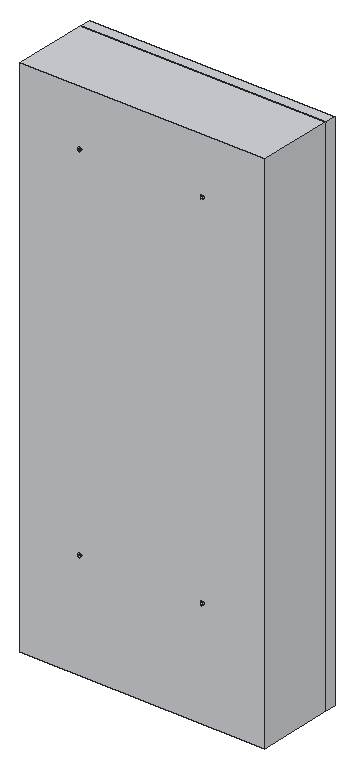
Revit family "AX8943_0007", category Appareils sanitaires, Revit 2016
Family settings
  Hôte = Mur
  Type d'élément = Normal
  Cote de connecteur circulaire = Utiliser le diamètre
  Numéro OmniClass = 23.75.00.00
  Titre OmniClass = Climate Control (HVAC)
  Toujours verticalement = Oui
  Couper avec des vides une fois chargée = Non
  Partagée = Non
  Point de calcul de pièce = Non
Parameters (values of type "Type 1")
  URL = "https://www.axeuro.com/fr/home/25521-poubelle-murale-ax8943.html?search_query=AX8943&results=2"
  Modèle = "AX8943"  # constant formula
  Matériaux = "En inox 304 (18/10)"  # constant formula
  Finition = "Brossé Poli Satiné HyperPolish"  # constant formula
  Fabricant = "Axeuro"  # constant formula
  Description = "Poubelle murale"  # constant formula
Reference planes
  plane 1 "Mur": y = 0
  plane 2 "Centre (gauche/droite)": x = 0
  plane 3 "Arrière": y = 75
Forms (mm)
  Extrusion 1, solid
    sketch origin (-85, 2.969, 0) x (0, 1, 0) y (0, 0, 1)
      loop
        line (174.031, 1739.299) -> (174.031, 1028.291) -> (189.031, 1028.291) -> (189.031, 1739.299) -> (174.031, 1739.299)
    from -80 to 250
  Extrusion 2, void
    sketch origin (552.568, 77.969, 153.664) x (1, 0, 0) y (0, 0, 1)
      loop
        line (-434.68, 1545.635) -> (-670.457, 1545.635)
        arc (-670.457, 1545.635) -> (-675.486, 1543.552) -> (-677.568, 1538.524) r 7.111
        line (-677.568, 1538.524) -> (-677.568, 1432.747)
        arc (-677.568, 1432.747) -> (-675.486, 1427.718) -> (-670.457, 1425.635) r 7.111
        line (-670.457, 1425.635) -> (-434.68, 1425.635)
        arc (-434.68, 1425.635) -> (-429.651, 1427.718) -> (-427.568, 1432.747) r 7.111
        line (-427.568, 1432.747) -> (-427.568, 1538.524)
        arc (-427.568, 1538.524) -> (-429.651, 1543.552) -> (-434.68, 1545.635) r 7.111
    from -114.031 to -99.031
  Sweep 3, solid
    path origin (125.534, 81.92, 1091.574) x (1, 0, 0) y (0, 0, 1)
      loop
        circle (0, 292.183) r 7.9
    profile origin (125.534, 81.92, 1375.857) x (0, 0, 1) y (0, -1, 0)
      loop
        line (0.02, -110.08) -> (-3.566, -110.08)
        arc (-3.566, -110.08) -> (-2.623, -113.276) -> (0.02, -115.306) r 5.389
        line (0.02, -115.306) -> (0.02, -110.08)
  Extrusion 4, solid
    sketch origin (133.414, 82, 1103.06) x (1, 0, 0) y (0, 0, 1)
      loop
        circle (-7.88, 280.697) r 7.9
    from -115.226 to -110
  Extrusion 5, void
    sketch origin (406.218, 82, 1383.768) x (0, 0, 1) y (-1, 0, 0)
      loop
        line (1.292, 286.514) -> (-1.316, 286.514) -> (-1.316, 274.878) -> (1.292, 274.878) -> (1.292, 286.514)
    from -115.226 to -113.463
  Extrusion 6, solid
    sketch origin (0, -103, 0) x (1, 0, 0) y (0, 1, 0)
      loop
        line (-165, 280) -> (-165, 178) -> (165, 178) -> (165, 280) -> (-165, 280)
    from 1028.291 to 1739.299
  Extrusion 7, void
    sketch origin (0, -103, 16) x (1, 0, 0) y (0, 0, 1)
      loop
        circle (-83.996, 1647.698) r 3
    from -180 to -178
  Extrusion 8, void
    sketch origin (165, -103, 16) x (1, 0, 0) y (0, 0, 1)
      loop
        circle (-83.996, 1647.698) r 3
    from -180 to -178
  Extrusion 9, void
    sketch origin (0, -103, -474) x (1, 0, 0) y (0, 0, 1)
      loop
        circle (-83.996, 1647.698) r 3
    from -180 to -178
  Extrusion 10, void
    sketch origin (165, -103, -474) x (1, 0, 0) y (0, 0, 1)
      loop
        circle (-83.996, 1647.698) r 3
    from -180 to -178
  Extrusion 11, solid
    sketch origin (0, 75, 0) x (1, 0, 0) y (0, 0, 1)
      loop
        line (124.9, 1586.411) -> (124.9, 1692.188)
        arc (124.9, 1692.188) -> (122.846, 1697.146) -> (117.889, 1699.199) r 7.011
        line (117.889, 1699.199) -> (-117.889, 1699.199)
        arc (-117.889, 1699.199) -> (-122.846, 1697.146) -> (-124.9, 1692.188) r 7.011
        line (-124.9, 1692.188) -> (-124.9, 1586.411)
        arc (-124.9, 1586.411) -> (-122.846, 1581.453) -> (-117.889, 1579.399) r 7.011
        line (-117.889, 1579.399) -> (117.889, 1579.399)
        arc (117.889, 1579.399) -> (122.846, 1581.453) -> (124.9, 1586.411) r 7.011
    from -117 to -102
Cuts and joins
  Extrusion 2 cuts Extrusion 1
  Extrusion 5 cuts Extrusion 4
  Extrusion 7, Extrusion 8, Extrusion 9, Extrusion 10 cuts Extrusion 6
Text (mm)
  text "Côté de la mise en place" at (-1820.995, 1116.779, 0), in view "Niveau de réf."
  text "Côté de la mise en place" at (0, 1334.055, 2976.191), in view "Gauche"
  text "Côté de la mise en place" at (0, 439.194, 2944.362), in view "Droite"
Dimensions and locks
  locked: plane 3 "Arrière" to host wall
  aligned and locked: plane 1 "Mur" to host wall
